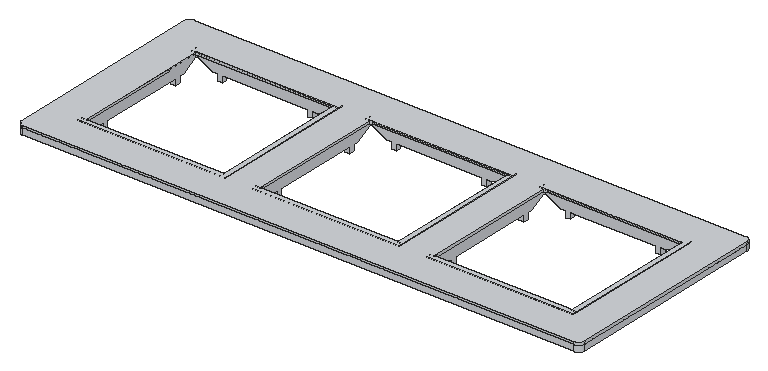
Revit family "Gira_0213095", category Electrical Fixtures, host Face, Revit 2017
Family settings
  Host = Face
  Maintain Annotation Orientation = No
  Round Connector Dimension = Use Diameter
  Part Type = Normal
  Cut with Voids When Loaded = No
  Shared = No
  Room Calculation Point = No
Parameters (values of type "Abdeckrahmen 3f flach Gira E2 Schwarz m")
  Werkstoffgüte = "Thermoplast"
  Werkstoff = "Kunststoff"
  URL = "http://katalog.gira.de/de_DE/datenblatt.html?artikelnr=0213095"
  Transparent = "No"
  Textfeld/Beschriftungsfläche = "No"
  Schutzart (IP) = "IP20"
  Region = "DE"
  Oberfläche = "sonstige"
  Name = "Abdeckrahmen 3f flach Gira E2 Schwarz m"
  Montagerichtung = "horizontal und vertikal"
  Mit Montagerahmen = "No"
  Mit Klappdeckel = "No"
  Manufacturer URL = "https://www.gira.de/"
  Keynote = "E2flach_Rahmen_3fach"
  HeinzeBIM = "https://bimportal.heinze.de/bim/abdeckrahmen-3f-flach-gira-e2-schwarz-m/f21f61da05f89be87c521399254bb68a1e01183b"
  Halogenfrei = "Yes"
  HAN = "0213095"
  Geeignet für Unterputz-Installation = "Yes"
  Geeignet für Unterflurkanaldose = "No"
  Geeignet für Geräteeinbaukanal = "No"
  Geeignet für Einbauinstallation = "No"
  GTIN = "4010337036838"
  Farbe = "schwarz"
  Default Elevation = 1219.2 mm
  Data sheet (1) = "https://katalog.gira.de/de_DE/download.html?artikelnr=0213095"
  Category = "Abdeckrahmen"
  Befestigungsart = "Klemmbefestigung"
  Available = "Yes"
  Ausführung der Oberfläche = "matt"
  Anzahl der Einheiten vertikal = "3 "
  Anzahl der Einheiten horizontal = "3 "
  Anzahl der Einheiten = "3 "
Reference planes
  plane 1 "Center (Front/Back)": y = 0
  plane 2: z = 0
  plane 3 "Center (Left/Right)": x = 0
Forms (mm)
  Extrusion 1, solid, detail levels fine
    sketch origin (0, 0, 0) x (1, 0, 0) y (0, 1, 0)
      loop
        arc (-112.6, 43.9) -> (-114.368, 43.168) -> (-115.1, 41.4) r 2.5
        line (-115.1, 41.4) -> (-115.1, -41.4)
        arc (-115.1, -41.4) -> (-114.368, -43.168) -> (-112.6, -43.9) r 2.5
        line (-112.6, -43.9) -> (112.6, -43.9)
        arc (112.6, -43.9) -> (114.368, -43.168) -> (115.1, -41.4) r 2.5
        line (115.1, -41.4) -> (115.1, 41.4)
        arc (115.1, 41.4) -> (114.368, 43.168) -> (112.6, 43.9) r 2.5
        line (112.6, 43.9) -> (-112.6, 43.9)
      loop
        spline (-99.344, -27.245) -> (-99.336, -27.363) -> (-99.313, -27.478) -> (-99.275, -27.589) -> (-99.223, -27.695) -> (-99.158, -27.792) -> (-99.081, -27.881) -> (-98.992, -27.958) -> (-98.895, -28.023) -> (-98.789, -28.075) -> (-98.678, -28.113) -> (-98.563, -28.136) -> (-98.445, -28.144)
        line (-98.445, -28.144) -> (-43.955, -28.144)
        spline (-43.955, -28.144) -> (-43.837, -28.136) -> (-43.722, -28.113) -> (-43.611, -28.075) -> (-43.505, -28.023) -> (-43.408, -27.958) -> (-43.319, -27.881) -> (-43.242, -27.792) -> (-43.177, -27.695) -> (-43.125, -27.589) -> (-43.087, -27.478) -> (-43.064, -27.363) -> (-43.056, -27.245)
        line (-43.056, -27.245) -> (-43.056, 27.245)
        spline (-43.056, 27.245) -> (-43.064, 27.363) -> (-43.087, 27.478) -> (-43.125, 27.589) -> (-43.177, 27.695) -> (-43.242, 27.792) -> (-43.319, 27.881) -> (-43.408, 27.958) -> (-43.505, 28.023) -> (-43.611, 28.075) -> (-43.722, 28.113) -> (-43.837, 28.136) -> (-43.955, 28.144)
        line (-43.955, 28.144) -> (-98.445, 28.144)
        spline (-98.445, 28.144) -> (-98.563, 28.136) -> (-98.678, 28.113) -> (-98.789, 28.075) -> (-98.895, 28.023) -> (-98.992, 27.958) -> (-99.081, 27.881) -> (-99.158, 27.792) -> (-99.223, 27.695) -> (-99.275, 27.589) -> (-99.313, 27.478) -> (-99.336, 27.363) -> (-99.344, 27.245)
        line (-99.344, 27.245) -> (-99.344, -27.245)
      loop
        spline (98.445, -28.144) -> (98.563, -28.136) -> (98.678, -28.113) -> (98.789, -28.075) -> (98.895, -28.023) -> (98.992, -27.958) -> (99.081, -27.881) -> (99.158, -27.792) -> (99.223, -27.695) -> (99.275, -27.589) -> (99.313, -27.478) -> (99.336, -27.363) -> (99.344, -27.245)
        line (99.344, -27.245) -> (99.344, 27.245)
        spline (99.344, 27.245) -> (99.336, 27.363) -> (99.313, 27.478) -> (99.275, 27.589) -> (99.223, 27.695) -> (99.158, 27.792) -> (99.081, 27.881) -> (98.992, 27.958) -> (98.895, 28.023) -> (98.789, 28.075) -> (98.678, 28.113) -> (98.563, 28.136) -> (98.445, 28.144)
        line (98.445, 28.144) -> (43.955, 28.144)
        spline (43.955, 28.144) -> (43.837, 28.136) -> (43.722, 28.113) -> (43.611, 28.075) -> (43.505, 28.023) -> (43.408, 27.958) -> (43.319, 27.881) -> (43.242, 27.792) -> (43.177, 27.695) -> (43.125, 27.589) -> (43.087, 27.478) -> (43.064, 27.363) -> (43.056, 27.245)
        line (43.056, 27.245) -> (43.056, -27.245)
        spline (43.056, -27.245) -> (43.064, -27.363) -> (43.087, -27.478) -> (43.125, -27.589) -> (43.177, -27.695) -> (43.242, -27.792) -> (43.319, -27.881) -> (43.408, -27.958) -> (43.505, -28.023) -> (43.611, -28.075) -> (43.722, -28.113) -> (43.837, -28.136) -> (43.955, -28.144)
        line (43.955, -28.144) -> (98.445, -28.144)
      loop
        spline (-28.144, -27.245) -> (-28.136, -27.363) -> (-28.113, -27.478) -> (-28.075, -27.589) -> (-28.023, -27.695) -> (-27.958, -27.792) -> (-27.881, -27.881) -> (-27.792, -27.958) -> (-27.695, -28.023) -> (-27.589, -28.075) -> (-27.478, -28.113) -> (-27.363, -28.136) -> (-27.245, -28.144)
        line (-27.245, -28.144) -> (27.245, -28.144)
        spline (27.245, -28.144) -> (27.363, -28.136) -> (27.478, -28.113) -> (27.589, -28.075) -> (27.695, -28.023) -> (27.792, -27.958) -> (27.881, -27.881) -> (27.958, -27.792) -> (28.023, -27.695) -> (28.075, -27.589) -> (28.113, -27.478) -> (28.136, -27.363) -> (28.144, -27.245)
        line (28.144, -27.245) -> (28.144, 27.245)
        spline (28.144, 27.245) -> (28.136, 27.363) -> (28.113, 27.478) -> (28.075, 27.589) -> (28.023, 27.695) -> (27.958, 27.792) -> (27.881, 27.881) -> (27.792, 27.958) -> (27.695, 28.023) -> (27.589, 28.075) -> (27.478, 28.113) -> (27.363, 28.136) -> (27.245, 28.144)
        line (27.245, 28.144) -> (-27.245, 28.144)
        spline (-27.245, 28.144) -> (-27.363, 28.136) -> (-27.478, 28.113) -> (-27.589, 28.075) -> (-27.695, 28.023) -> (-27.792, 27.958) -> (-27.881, 27.881) -> (-27.958, 27.792) -> (-28.023, 27.695) -> (-28.075, 27.589) -> (-28.113, 27.478) -> (-28.136, 27.363) -> (-28.144, 27.245)
        line (-28.144, 27.245) -> (-28.144, -27.245)
    from 2.5 to 3.4
  Extrusion 2, solid, detail levels fine
    sketch origin (0, 0, 0) x (1, 0, 0) y (0, 1, 0)
      loop
        arc (-112.6, 43.9) -> (-114.368, 43.168) -> (-115.1, 41.4) r 2.5
        line (-115.1, 41.4) -> (-115.1, -41.4)
        arc (-115.1, -41.4) -> (-114.368, -43.168) -> (-112.6, -43.9) r 2.5
        line (-112.6, -43.9) -> (112.6, -43.9)
        arc (112.6, -43.9) -> (114.368, -43.168) -> (115.1, -41.4) r 2.5
        line (115.1, -41.4) -> (115.1, 41.4)
        arc (115.1, 41.4) -> (114.368, 43.168) -> (112.6, 43.9) r 2.5
        line (112.6, 43.9) -> (-112.6, 43.9)
      loop
        arc (-112.6, 43.4) -> (-114.014, 42.814) -> (-114.6, 41.4) r 2
        line (-114.6, 41.4) -> (-114.6, -41.4)
        arc (-114.6, -41.4) -> (-114.014, -42.814) -> (-112.6, -43.4) r 2
        line (-112.6, -43.4) -> (112.6, -43.4)
        arc (112.6, -43.4) -> (114.014, -42.814) -> (114.6, -41.4) r 2
        line (114.6, -41.4) -> (114.6, 41.4)
        arc (114.6, 41.4) -> (114.014, 42.814) -> (112.6, 43.4) r 2
        line (112.6, 43.4) -> (-112.6, 43.4)
    from 0 to 2.5
  Extrusion 3, solid, detail levels fine
    sketch origin (-71.2, 0, 0) x (1, 0, 0) y (0, 0, 1)
      loop
        line (-17.5, -4.06) -> (-17.5, -1.56) -> (17.5, -1.56) -> (17.5, -4.06) -> (19.5, -4.06) -> (19.5, -1.56) -> (21.654, -1.56) -> (27.214, 1.65) -> (30, 1.65) -> (30, 3.4) -> (-30, 3.4) -> (-30, 1.65) -> (-27.214, 1.65) -> (-21.654, -1.56) -> (-19.5, -1.56) -> (-19.5, -4.06) -> (-17.5, -4.06)
    from 28.144 to 30
  Extrusion 4, solid, detail levels fine
    sketch origin (-71.2, 0, 0) x (0, -1, 0) y (0, 0, -1)
      loop
        line (-17.5, 4.06) -> (-19.5, 4.06) -> (-19.5, 1.56) -> (-21.654, 1.56) -> (-27.214, -1.65) -> (-28.144, -1.65) -> (-28.144, -3.4) -> (28.144, -3.4) -> (28.144, -1.65) -> (27.214, -1.65) -> (21.654, 1.56) -> (19.5, 1.56) -> (19.5, 4.06) -> (17.5, 4.06) -> (17.5, 1.56) -> (-17.5, 1.56) -> (-17.5, 4.06)
    from 28.144 to 30
  Extrusion 5, solid, detail levels medium
    sketch origin (-71.2, 0, 0) x (0, -1, 0) y (0, 0, 1)
      loop
        line (-17.5, -4.06) -> (-17.5, -1.56) -> (17.5, -1.56) -> (17.5, -4.06) -> (19.5, -4.06) -> (19.5, -1.56) -> (28.144, -1.56) -> (28.144, 3.4) -> (-28.144, 3.4) -> (-28.144, -1.56) -> (-19.5, -1.56) -> (-19.5, -4.06) -> (-17.5, -4.06)
    from 28.144 to 30
  Extrusion 6, solid, detail levels fine
    sketch origin (-71.2, 0, 0) x (1, 0, 0) y (0, 0, -1)
      loop
        line (-17.5, 4.06) -> (-19.5, 4.06) -> (-19.5, 1.56) -> (-21.654, 1.56) -> (-27.214, -1.65) -> (-30, -1.65) -> (-30, -3.4) -> (30, -3.4) -> (30, -1.65) -> (27.214, -1.65) -> (21.654, 1.56) -> (19.5, 1.56) -> (19.5, 4.06) -> (17.5, 4.06) -> (17.5, 1.56) -> (-17.5, 1.56) -> (-17.5, 4.06)
    from 28.144 to 30
  Extrusion 7, solid, detail levels coarse
    sketch origin (0, 0, 0) x (1, 0, 0) y (0, 1, 0)
      loop
        line (-115.1, 43.9) -> (-115.1, -43.9) -> (115.1, -43.9) -> (115.1, 43.9) -> (-115.1, 43.9)
    from -4.06 to 3.4
  Extrusion 8, solid, detail levels medium
    sketch origin (0, 0, 0) x (1, 0, 0) y (0, 1, 0)
      loop
        line (-115.1, 43.9) -> (-115.1, -43.9) -> (115.1, -43.9) -> (115.1, 43.9) -> (-115.1, 43.9)
    from 0 to 3.4
  Extrusion 9, solid, detail levels medium
    sketch origin (-71.2, 0, 0) x (1, 0, 0) y (0, 0, 1)
      loop
        line (-17.5, -4.06) -> (-17.5, -1.56) -> (17.5, -1.56) -> (17.5, -4.06) -> (19.5, -4.06) -> (19.5, -1.56) -> (30, -1.56) -> (30, 3.4) -> (-30, 3.4) -> (-30, -1.56) -> (-19.5, -1.56) -> (-19.5, -4.06) -> (-17.5, -4.06)
    from 28.144 to 30
  Extrusion 10, solid, detail levels medium
    sketch origin (-71.2, 0, 0) x (1, 0, 0) y (0, 0, -1)
      loop
        line (-17.5, 4.06) -> (-19.5, 4.06) -> (-19.5, 1.56) -> (-30, 1.56) -> (-30, -3.4) -> (30, -3.4) -> (30, 1.56) -> (19.5, 1.56) -> (19.5, 4.06) -> (17.5, 4.06) -> (17.5, 1.56) -> (-17.5, 1.56) -> (-17.5, 4.06)
    from 28.144 to 30
  Extrusion 11, solid, detail levels medium
    sketch origin (-71.2, 0, 0) x (0, -1, 0) y (0, 0, -1)
      loop
        line (-17.5, 4.06) -> (-19.5, 4.06) -> (-19.5, 1.56) -> (-28.144, 1.56) -> (-28.144, -3.4) -> (28.144, -3.4) -> (28.144, 1.56) -> (19.5, 1.56) -> (19.5, 4.06) -> (17.5, 4.06) -> (17.5, 1.56) -> (-17.5, 1.56) -> (-17.5, 4.06)
    from 28.144 to 30
  Extrusion 12, solid, detail levels fine
    sketch origin (71.2, 0, 0) x (-1, 0, 0) y (0, 0, -1)
      loop
        line (-17.5, 4.06) -> (-19.5, 4.06) -> (-19.5, 1.56) -> (-21.654, 1.56) -> (-27.214, -1.65) -> (-30, -1.65) -> (-30, -3.4) -> (30, -3.4) -> (30, -1.65) -> (27.214, -1.65) -> (21.654, 1.56) -> (19.5, 1.56) -> (19.5, 4.06) -> (17.5, 4.06) -> (17.5, 1.56) -> (-17.5, 1.56) -> (-17.5, 4.06)
    from 28.144 to 30
  Extrusion 13, solid, detail levels fine
    sketch origin (71.2, 0, 0) x (0, -1, 0) y (0, 0, 1)
      loop
        line (-17.5, -4.06) -> (-17.5, -1.56) -> (17.5, -1.56) -> (17.5, -4.06) -> (19.5, -4.06) -> (19.5, -1.56) -> (21.654, -1.56) -> (27.214, 1.65) -> (28.144, 1.65) -> (28.144, 3.4) -> (-28.144, 3.4) -> (-28.144, 1.65) -> (-27.214, 1.65) -> (-21.654, -1.56) -> (-19.5, -1.56) -> (-19.5, -4.06) -> (-17.5, -4.06)
    from 28.144 to 30
  Extrusion 14, solid, detail levels medium
    sketch origin (71.2, 0, 0) x (0, -1, 0) y (0, 0, -1)
      loop
        line (-17.5, 4.06) -> (-19.5, 4.06) -> (-19.5, 1.56) -> (-28.144, 1.56) -> (-28.144, -3.4) -> (28.144, -3.4) -> (28.144, 1.56) -> (19.5, 1.56) -> (19.5, 4.06) -> (17.5, 4.06) -> (17.5, 1.56) -> (-17.5, 1.56) -> (-17.5, 4.06)
    from 28.144 to 30
  Extrusion 15, solid, detail levels fine
    sketch origin (71.2, 0, 0) x (-1, 0, 0) y (0, 0, 1)
      loop
        line (-17.5, -4.06) -> (-17.5, -1.56) -> (17.5, -1.56) -> (17.5, -4.06) -> (19.5, -4.06) -> (19.5, -1.56) -> (21.654, -1.56) -> (27.214, 1.65) -> (30, 1.65) -> (30, 3.4) -> (-30, 3.4) -> (-30, 1.65) -> (-27.214, 1.65) -> (-21.654, -1.56) -> (-19.5, -1.56) -> (-19.5, -4.06) -> (-17.5, -4.06)
    from 28.144 to 30
  Extrusion 16, solid, detail levels medium
    sketch origin (71.2, 0, 0) x (-1, 0, 0) y (0, 0, -1)
      loop
        line (-17.5, 4.06) -> (-19.5, 4.06) -> (-19.5, 1.56) -> (-30, 1.56) -> (-30, -3.4) -> (30, -3.4) -> (30, 1.56) -> (19.5, 1.56) -> (19.5, 4.06) -> (17.5, 4.06) -> (17.5, 1.56) -> (-17.5, 1.56) -> (-17.5, 4.06)
    from 28.144 to 30
  Extrusion 17, solid, detail levels medium
    sketch origin (71.2, 0, 0) x (-1, 0, 0) y (0, 0, 1)
      loop
        line (-17.5, -4.06) -> (-17.5, -1.56) -> (17.5, -1.56) -> (17.5, -4.06) -> (19.5, -4.06) -> (19.5, -1.56) -> (30, -1.56) -> (30, 3.4) -> (-30, 3.4) -> (-30, -1.56) -> (-19.5, -1.56) -> (-19.5, -4.06) -> (-17.5, -4.06)
    from 28.144 to 30
  Extrusion 18, solid, detail levels medium
    sketch origin (71.2, 0, 0) x (0, -1, 0) y (0, 0, 1)
      loop
        line (-17.5, -4.06) -> (-17.5, -1.56) -> (17.5, -1.56) -> (17.5, -4.06) -> (19.5, -4.06) -> (19.5, -1.56) -> (28.144, -1.56) -> (28.144, 3.4) -> (-28.144, 3.4) -> (-28.144, -1.56) -> (-19.5, -1.56) -> (-19.5, -4.06) -> (-17.5, -4.06)
    from 28.144 to 30
  Extrusion 19, solid, detail levels fine
    sketch origin (-129.344, 0, 0) x (0, -1, 0) y (0, 0, -1)
      loop
        line (-17.5, 4.06) -> (-19.5, 4.06) -> (-19.5, 1.56) -> (-21.654, 1.56) -> (-27.214, -1.65) -> (-28.144, -1.65) -> (-28.144, -3.4) -> (28.144, -3.4) -> (28.144, -1.65) -> (27.214, -1.65) -> (21.654, 1.56) -> (19.5, 1.56) -> (19.5, 4.06) -> (17.5, 4.06) -> (17.5, 1.56) -> (-17.5, 1.56) -> (-17.5, 4.06)
    from 28.144 to 30
  Extrusion 20, solid, detail levels fine
    sketch origin (129.344, 0, 0) x (0, -1, 0) y (0, 0, 1)
      loop
        line (-17.5, -4.06) -> (-17.5, -1.56) -> (17.5, -1.56) -> (17.5, -4.06) -> (19.5, -4.06) -> (19.5, -1.56) -> (21.654, -1.56) -> (27.214, 1.65) -> (28.144, 1.65) -> (28.144, 3.4) -> (-28.144, 3.4) -> (-28.144, 1.65) -> (-27.214, 1.65) -> (-21.654, -1.56) -> (-19.5, -1.56) -> (-19.5, -4.06) -> (-17.5, -4.06)
    from 28.144 to 30
  Extrusion 21, solid, detail levels fine
    sketch origin (0, 0, 0) x (-1, 0, 0) y (0, 0, -1)
      loop
        line (-17.5, 4.06) -> (-19.5, 4.06) -> (-19.5, 1.56) -> (-21.654, 1.56) -> (-27.214, -1.65) -> (-30, -1.65) -> (-30, -3.4) -> (30, -3.4) -> (30, -1.65) -> (27.214, -1.65) -> (21.654, 1.56) -> (19.5, 1.56) -> (19.5, 4.06) -> (17.5, 4.06) -> (17.5, 1.56) -> (-17.5, 1.56) -> (-17.5, 4.06)
    from 28.144 to 30
  Extrusion 22, solid, detail levels fine
    sketch origin (0, 0, 0) x (0, -1, 0) y (0, 0, 1)
      loop
        line (-17.5, -4.06) -> (-17.5, -1.56) -> (17.5, -1.56) -> (17.5, -4.06) -> (19.5, -4.06) -> (19.5, -1.56) -> (21.654, -1.56) -> (27.214, 1.65) -> (28.144, 1.65) -> (28.144, 3.4) -> (-28.144, 3.4) -> (-28.144, 1.65) -> (-27.214, 1.65) -> (-21.654, -1.56) -> (-19.5, -1.56) -> (-19.5, -4.06) -> (-17.5, -4.06)
    from 28.144 to 30
  Extrusion 23, solid, detail levels medium
    sketch origin (0, 0, 0) x (0, -1, 0) y (0, 0, -1)
      loop
        line (-17.5, 4.06) -> (-19.5, 4.06) -> (-19.5, 1.56) -> (-28.144, 1.56) -> (-28.144, -3.4) -> (28.144, -3.4) -> (28.144, 1.56) -> (19.5, 1.56) -> (19.5, 4.06) -> (17.5, 4.06) -> (17.5, 1.56) -> (-17.5, 1.56) -> (-17.5, 4.06)
    from 28.144 to 30
  Extrusion 24, solid, detail levels fine
    sketch origin (0, 0, 0) x (-1, 0, 0) y (0, 0, 1)
      loop
        line (-17.5, -4.06) -> (-17.5, -1.56) -> (17.5, -1.56) -> (17.5, -4.06) -> (19.5, -4.06) -> (19.5, -1.56) -> (21.654, -1.56) -> (27.214, 1.65) -> (30, 1.65) -> (30, 3.4) -> (-30, 3.4) -> (-30, 1.65) -> (-27.214, 1.65) -> (-21.654, -1.56) -> (-19.5, -1.56) -> (-19.5, -4.06) -> (-17.5, -4.06)
    from 28.144 to 30
  Extrusion 25, solid, detail levels medium
    sketch origin (0, 0, 0) x (-1, 0, 0) y (0, 0, -1)
      loop
        line (-17.5, 4.06) -> (-19.5, 4.06) -> (-19.5, 1.56) -> (-30, 1.56) -> (-30, -3.4) -> (30, -3.4) -> (30, 1.56) -> (19.5, 1.56) -> (19.5, 4.06) -> (17.5, 4.06) -> (17.5, 1.56) -> (-17.5, 1.56) -> (-17.5, 4.06)
    from 28.144 to 30
  Extrusion 26, solid, detail levels medium
    sketch origin (0, 0, 0) x (-1, 0, 0) y (0, 0, 1)
      loop
        line (-17.5, -4.06) -> (-17.5, -1.56) -> (17.5, -1.56) -> (17.5, -4.06) -> (19.5, -4.06) -> (19.5, -1.56) -> (30, -1.56) -> (30, 3.4) -> (-30, 3.4) -> (-30, -1.56) -> (-19.5, -1.56) -> (-19.5, -4.06) -> (-17.5, -4.06)
    from 28.144 to 30
  Extrusion 27, solid, detail levels medium
    sketch origin (0, 0, 0) x (0, -1, 0) y (0, 0, 1)
      loop
        line (-17.5, -4.06) -> (-17.5, -1.56) -> (17.5, -1.56) -> (17.5, -4.06) -> (19.5, -4.06) -> (19.5, -1.56) -> (28.144, -1.56) -> (28.144, 3.4) -> (-28.144, 3.4) -> (-28.144, -1.56) -> (-19.5, -1.56) -> (-19.5, -4.06) -> (-17.5, -4.06)
    from 28.144 to 30
  Extrusion 28, solid, detail levels fine
    sketch origin (58.144, 0, 0) x (0, -1, 0) y (0, 0, 1)
      loop
        line (-17.5, -4.06) -> (-17.5, -1.56) -> (17.5, -1.56) -> (17.5, -4.06) -> (19.5, -4.06) -> (19.5, -1.56) -> (21.654, -1.56) -> (27.214, 1.65) -> (28.144, 1.65) -> (28.144, 3.4) -> (-28.144, 3.4) -> (-28.144, 1.65) -> (-27.214, 1.65) -> (-21.654, -1.56) -> (-19.5, -1.56) -> (-19.5, -4.06) -> (-17.5, -4.06)
    from 28.144 to 30
Dimensions and locks
  aligned and locked: plane 2 to host face
  aligned and locked: level to host face
